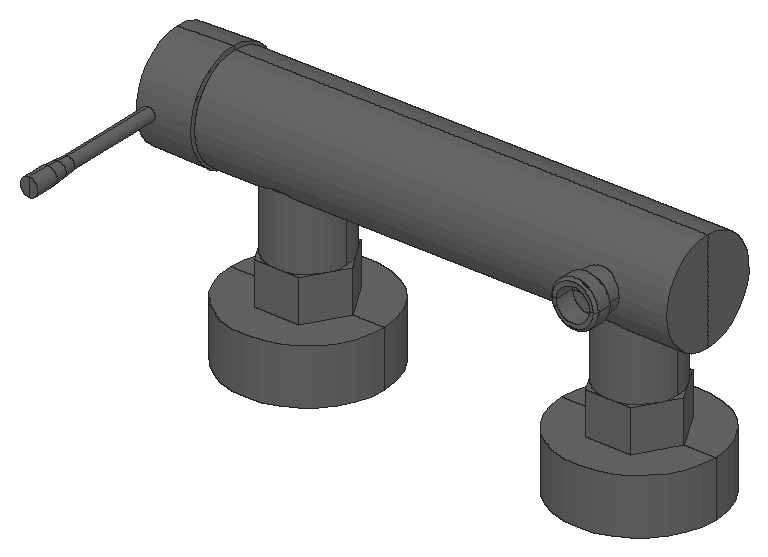
Revit family "Grohe_ShowerMixer_Essence_25252KF1", category Plumbing Fixtures, host Face, Revit 2020
Family settings
  Host = Face
  Round Connector Dimension = Use Diameter
  Part Type = Normal
  OmniClass Number = 23.45.05.00
  OmniClass Title = Sanitary Equipment
  Cut with Voids When Loaded = No
  Shared = No
  Room Calculation Point = No
Parameters (values of type "ESSENCE Shower Mixer (25252KF1)")
  _ObjectUserGuide = "https://www.bimstore.co/products/grohe-25252KF1/document/object-user-guide"
  _DistributedBy = "https://www.bimstore.co/"
  _CurrentRevision = 1
  _CreatedBy = "https://www.bimstore.co/"
  _BimSpecGuid = 0
  _BSBibleVersion = 17
  _AuthorizedBy = "bimstore"
  _Author = "AM 147"
  Waste Connection = no
  WarrantyStartDate [instance] = "Please Record On Commissioning."
  WarrantyGuarantorParts = "info-uk@grohe.com"
  WarrantyGuarantorLabor = "info-uk@grohe.com"
  WarrantyDurationUnit = "Years"
  WarrantyDurationParts = "0"
  WarrantyDurationLabor = "0"
  WarrantyDescription = "n/a"
  Vent Connection = no
  URL = "https://www.grohe.co.uk/"
  TypeName = "ESSENCE Shower Mixer"
  Type Comments = "ESSENCE Shower Mixer"
  TPIDocumentLink = "https://cdn.cloud.grohe.com/tpi/100000/100000/100000/100200/100230/100233/100233821/original/100233821.pdf"
  SustainabilityReport = "green.grohe.com/reporting"
  SustainabilityAward = "green.grohe.com/awards"
  SpareParts = "info-uk@grohe.com"
  Size = "n/a"
  Shape = "n/a"
  SerialNumber [instance] = "Please Record On Commissioning."
  ReplacementCost = "n/a"
  ReferencedStandard = "n/a"
  ProductionYear = "2023"
  ProductType = "Single Lever Mixer"
  ProductShortText = "Essence Single-lever shower mixer 1/2\""
  ProductPageURL = "https://www.grohe.co.uk/en_gb/-25252KF1.html"
  ProductNumber = "25252KF1"
  ProductDescription = "wall mounted\r\n\r\nmetal lever\r\n\r\nGROHE SilkMove 35 mm ceramic cartridge\r\n\r\nwith temperature limiter\r\n\r\nGROHE Long-Life Shine finish\r\n\r\nshower outlet 1/2\"\r\n\r\nintegrated non-return valve\r\n\r\nS-unions\r\n\r\nprotected against backflow\r\n\r\nmin. recommended pressure 1.0 bar\r\n\r\nprofessional exclusive"
  PrimaryMaterial = Grohe_MattBlack
  PQDiagramLink = "https://cdn.cloud.grohe.com/PQCharts/lores/2/252/original/25252KF1-pqchart-en_GB.svg"
  NominalLength = 0.0 mm
  NominalHeight = 0.0 mm
  NominalDepth = 0.0 mm
  NBSReference = "45-35-70/335"
  NBSOfficeMasterTag = "n/a"
  NBSObjectName = "Grohe - Shower mixers"
  NBSNote = "n/a"
  NBSDescription = "Shower mixers"
  ModelReference = "ESSENCE Shower Mixer"
  ModelNumber = "25252KF1"
  Model = "ESSENCE Shower Mixer"
  Material = "n/a"
  ManufacturerName = "Grohe"
  Manufacturer = "Grohe"
  Keynote = "N13"
  InstallationDate [instance] = "Please Record On Commissioning."
  IfcExportType = "IfcPipeFittingType"
  IfcExportAs = "IfcPipeFitting"
  HW Connection = yes
  Grade = "n/a"
  GROHESustainability = "green.grohe.com"
  GROHESocialCommittment = "green.grohe.com/social_engagement"
  FullRecyclabilityOfPlastic = "All plastic components are fully recyclable"
  Finish = "n/a"
  Features = "n/a"
  ExpectedLife = 0
  Ecojoy = no
  EFSE0002 = "FALSE"
  EFNL0001 = "FALSE"
  EFDE0022 = "Group I, <=20 dB(A)"
  EF025109 = "Other"
  EF024919 = "FALSE"
  EF023957 = "FALSE"
  EF023688 = "not relevant"
  EF023687 = "FALSE"
  EF023686 = "not applicable"
  EF022337 = "1/2 inch"
  EF022042 = "C"
  EF021855 = "FALSE"
  EF021835 = 150.0 mm
  EF021035 = "FALSE"
  EF020967 = "FALSE"
  EF020805 = "FALSE"
  EF020799 = "TRUE"
  EF020791 = "Brass"
  EF020788 = "FALSE"
  EF020787 = "Group II, <=30 dB(A)"
  EF020785 = "1/2 inch"
  EF020781 = "Cartouche, ceramic"
  EF020780 = "Single-grip"
  EF020259 = "Downwards"
  EF020105 = no
  EF016731 = "Group I,<= 20 dB(A)"
  EF014591 = "FALSE"
  EF014578 = "FALSE"
  EF012753 = "27.0"
  EF011779 = "FALSE"
  EF011775 = "EB"
  EF007955 = "TRUE"
  EF002671 = "Black"
  EF002286 = "External thread"
  EF002149 = "FALSE"
  EF001707 = "70 °C"
  EF000139 = "Other"
  EF000003 = "Wall"
  DurationUnit = "Years"
  DocumentationTechnical = "https://www.bimstore.co/products/grohe-25252KF1/document/technical-data-sheet"
  DocumentationMaintenance = "https://www.bimstore.co/products/grohe-25252KF1/document/maintenance-information"
  DocumentationLiterature = "https://www.bimstore.co/products/grohe-25252KF1/document/product-literature"
  DocumentationInstallationGuide = "https://www.bimstore.co/products/grohe-25252KF1/document/installation-guide"
  DocumentationCertificates = "https://www.bimstore.co/products/grohe-25252KF1/document/product-certificates"
  DimensionsDocumentLink = "https://cdn.cloud.grohe.com/dimdraw/1000/1800/1860/1866/1866843/1280/1866843.jpg"
  Description = "ESSENCE Shower Mixer"
  Default Elevation = 0.0 mm
  CreatedOn = "2023-03-01T09:00:00"
  CreatedBy = "info-uk@grohe.com"
  CradleToCradleCertification = "n/a"
  Cost = 0
  Constituents = "n/a"
  Color = "Matt Black"
  CodePerformance = "n/a"
  ClassificationValue = "Pr_40_20_87_78"
  ClassificationName = "Uniclass2015"
  CW Connection = yes
  CO2NeutralProduction = "GROHE is one of the first leading manufacturer within the sanitary industry having a CO2-neutral production."
  BarCode [instance] = "Please Record On Commissioning."
  BIMObjectName = "Grohe_ShowerMixer_Essence_25252KF1"
  AssetType = "Fixed"
  AssetIdentifier [instance] = "n/a"
  Assembly Code = "D2010"
  AccessibilityPerformance = "n/a"
Reference planes
  plane 1 "Center (Front/Back)": y = 0
  plane 2: z = 0
  plane 3 "Center (Left/Right)": x = 0
Forms (mm)
  Revolve 1, solid, material "Grohe_MattBlack" <- "PrimaryMaterial", detail levels medium+fine
    sketch origin (0, 0, 0) x (1, 0, 0) y (0, 0, 1)
      loop
        line (-75, 0) -> (-75, 25.245) -> (-110, 25.245) -> (-110, 0) -> (-75, 0)
      loop
        line (-92.527, 44.31) -> (-75, 44.31) -> (-75, 91.11) -> (-92.527, 91.11) -> (-92.527, 44.31)
      axis (-75, 0) -> (-75, 91.11)
    angle from 0 to 360
  Extrusion 2, solid, material "Grohe_MattBlack" <- "PrimaryMaterial", detail levels medium+fine
    sketch origin (0, 0, 0) x (1, 0, 0) y (0, 1, 0)
      loop
        line (-64.896, -17.5) -> (-54.793, 0) -> (-64.896, 17.5) -> (-85.104, 17.5) -> (-95.207, 0) -> (-85.104, -17.5) -> (-64.896, -17.5)
      loop
        line (64.896, -17.5) -> (85.104, -17.5) -> (95.207, 0) -> (85.104, 17.5) -> (64.896, 17.5) -> (54.793, 0) -> (64.896, -17.5)
    from 25.245 to 44.31
  Revolve 3, solid, material "Grohe_MattBlack" <- "PrimaryMaterial", detail levels medium+fine
    sketch origin (0, 0, 0) x (-1, 0, 0) y (0, 0, 1)
      loop
        line (-75, 0) -> (-75, 25.245) -> (-110, 25.245) -> (-110, 0) -> (-75, 0)
      loop
        line (-92.527, 44.31) -> (-75, 44.31) -> (-75, 91.11) -> (-92.527, 91.11) -> (-92.527, 44.31)
      axis (-75, 0) -> (-75, 91.11)
    angle from 0 to 360
  Revolve 4, solid, material "Grohe_MattBlack" <- "PrimaryMaterial", detail levels medium+fine
    sketch origin (0, 0, 0) x (1, 0, 0) y (0, 0, 1)
      loop
        line (106.02, 114.156) -> (-107.79, 114.156)
        arc (-107.79, 114.156) -> (-108.238, 113.749) -> (-108.684, 113.34) r 95.231
        line (-108.684, 113.34) -> (-108.684, 115.199) -> (-133.628, 114.831) -> (-133.628, 91.11) -> (106.02, 91.11) -> (106.02, 114.156)
      axis (-133.628, 91.11) -> (106.02, 91.11)
    angle from 0 to 360
  Revolve 5, solid, material "Grohe_MattBlack" <- "PrimaryMaterial", detail levels medium+fine
    sketch origin (-128.224, -69.599, 1219.2) x (0, 1, 0) y (0, 0, 1)
      loop
        line (-21.398, -1128.09) -> (69.599, -1128.09) -> (69.599, -1125.092) -> (0.259, -1125.092)
        arc (0.259, -1125.092) -> (-2.569, -1124.958) -> (-5.372, -1124.559) r 30
        arc (-5.372, -1124.559) -> (-8.175, -1124.159) -> (-11.004, -1124.025) r 30
        line (-11.004, -1124.025) -> (-21.398, -1124.025) -> (-21.398, -1128.09)
      axis (-21.398, -1128.09) -> (69.599, -1128.09)
    angle from 0 to 360
  Revolve 6, solid, material "Grohe_MattBlack" <- "PrimaryMaterial", detail levels medium+fine
    sketch origin (106.02, -4572, 91.11) x (0, -1, 0) y (1, 0, 0)
      loop
        line (-4534.6, -40.3) -> (-4534.6, -38.52) -> (-4543.5, -38.52) -> (-4543.5, -31.02) -> (-4572, -31.02) -> (-4572, -40.02) -> (-4543.5, -40.02) -> (-4542.02, -41.5) -> (-4535.8, -41.5) -> (-4534.6, -40.3)
      axis (-4572, -31.02) -> (-4534.6, -31.02)
    angle from 0 to 360
  Extrusion 7, solid, material "Grohe_MattBlack" <- "PrimaryMaterial", detail levels coarse
    sketch origin (-128.224, -69.599, 1219.2) x (0, 1, 0) y (0, 0, 1)
      loop
        circle (69.599, -1128.09) r 24.09
    from 19.541 to 234.244
  Revolve 8, solid, material "Grohe_MattBlack" <- "PrimaryMaterial", detail levels coarse
    sketch origin (0, 0, 0) x (1, 0, 0) y (0, 0, 1)
      loop
        line (-110, 0) -> (-75, 0) -> (-75, 85.245) -> (-95.207, 85.245) -> (-95.207, 25.245) -> (-110, 25.245) -> (-110, 0)
      axis (-75, 0) -> (-75, 85.245)
    angle from 0 to 360
  Revolve 9, solid, material "Grohe_MattBlack" <- "PrimaryMaterial", detail levels coarse
    sketch origin (0, 0, 0) x (-1, 0, 0) y (0, 0, 1)
      loop
        line (-110, 0) -> (-75, 0) -> (-75, 85.245) -> (-95.207, 85.245) -> (-95.207, 25.245) -> (-110, 25.245) -> (-110, 0)
      axis (-75, 0) -> (-75, 85.245)
    angle from 0 to 360
  Extrusion 10, solid, material "Grohe_MattBlack" <- "PrimaryMaterial", detail levels coarse
    sketch origin (-128.224, -69.599, 1219.2) x (0, 1, 0) y (0, 0, 1)
      loop
        circle (69.599, -1128.09) r 24.09
    from -5.403 to 19.541
  Extrusion 11, solid, material "Grohe_MattBlack" <- "PrimaryMaterial", detail levels coarse
    sketch origin (0, 0, 0) x (1, 0, 0) y (0, 0, 1)
      loop
        circle (-128.224, 91.11) r 4.065
    from 0 to 90.998
  Extrusion 12, solid, material "Grohe_MattBlack" <- "PrimaryMaterial", detail levels coarse
    sketch origin (0, 0, 0) x (1, 0, 0) y (0, 0, 1)
      loop
        circle (75, 91.11) r 10.48
    from 0 to 37.4
Cuts and joins
  joined: Revolve 1, Revolve 3, Revolve 4, Revolve 5, Revolve 6
  joined: Extrusion 10, Extrusion 11
  joined: Extrusion 7, Revolve 8, Revolve 9, Extrusion 12
Dimensions and locks
  aligned and locked: plane 2 to host face
  aligned and locked: level to host face
Connectors
  piping at (75, 0, 0), diameter 15
    settings: on cut or joined group of Revolve 1, Revolve 3, Revolve 4, Revolve 5, Revolve 6, index 1, connector inside diameter 609.6 mm, connector length 0.0 mm, flow factor 0, pipe flow 0.0 L/s, pressure drop 0.0 Pa, fitting loss kfactor 0, connector angle 0.00°, fixture units 0, engagement length 0.0 mm, angle of deflection 0.00°, flow configuration 0, flow direction 1, fitting loss method 0, system type 20, joint type 0, gender type 0, connector reference index -1, connector utility 0, adjustable connector no, is connector primary yes, connector description ""
  piping at (-75, 0, 0), diameter 15
    settings: on cut or joined group of Revolve 1, Revolve 3, Revolve 4, Revolve 5, Revolve 6, index 2, connector inside diameter 609.6 mm, connector length 0.0 mm, flow factor 0, pipe flow 0.0 L/s, pressure drop 0.0 Pa, fitting loss kfactor 0, connector angle 0.00°, fixture units 0, engagement length 0.0 mm, angle of deflection 0.00°, flow configuration 0, flow direction 1, fitting loss method 0, system type 19, joint type 0, gender type 0, connector reference index -1, connector utility 0, adjustable connector no, is connector primary no, connector description ""
